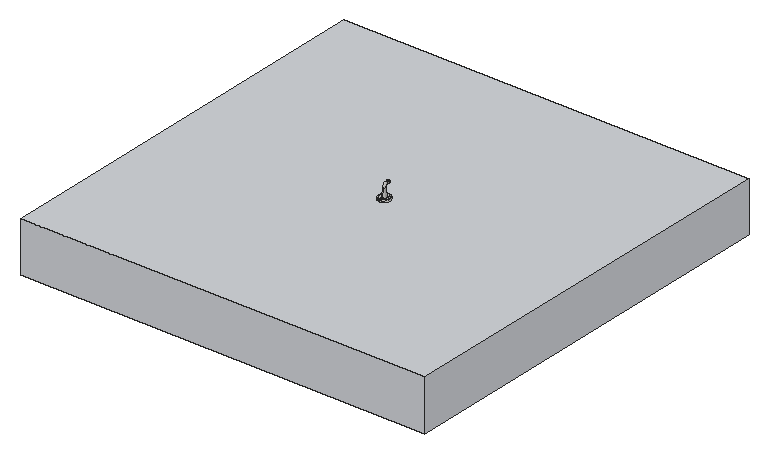
Revit family
Parameters (values of type "B-211")
  Width = 2 3/4"
  Warranty Information = "1 Year Limited Warranty"
  URL = "http://www.bobrick.com"
  Type Comments = ""
  Product Page URL = "http://www.bobrick.com/washroomaccessories/Pages/ProductDetails.aspx?Product+Number=B-211"
  Product Documentation Link = "http://www.bobrick.com/Documents/B-211_td.pdf"
  Price = "Prices may vary. Please consult Manufacturer Representative for most up-to-date price list."  # constant formula
  Phone Number = "416-250-5656"  # constant formula
  Omniclass Table 23 Title = "Robes Hooks"  # constant formula
  Omniclass Table 23 Code = "23.40.20.21.31"  # constant formula
  Model = "B-211"
  Material = Cast Brass-Bobrick-Chrome-Satin
  Manufacturer = "Bobrick"
  Length = 3 7/16"
  Installation Type = "Surface-Mounted"
  Height = 2 3/4"
  Description = "Bobrick Heavy-Duty Clothes Hook with Exposed Mounting"
  Default Elevation = 48"
  Creation Date = "09/16/2015"  # constant formula
  Created By = "Allied Technical Services"  # constant formula
  Assembly Code = "E2010"
  ATS URL = "http://www.atsspec.net"
Reference planes (in)
  plane 1 "Center (Front/Back)": y = 0
  plane 2: z = 0
  plane 3 "Center (Left/Right)": x = 0
  plane 4: z = 3.4375
  plane 5: y = 1.375
  plane 6: y = -1.375
  plane 7: x = -1.375
  plane 8: x = 1.375
Forms (in)
  Extrusion 1, solid
    sketch origin (0, 0, 0) x (1, 0, 0) y (0, 1, 0)
      loop
        line (-48, 48) -> (-48, -48) -> (48, -48) -> (48, 48) -> (-48, 48)
    from 0 to -12
  Revolve 2, solid, material "Cast Brass-Bobrick-Chrome-Satin" <- "Material"
    sketch origin (0, 0, 0) x (0, 1, 0) y (0, 0, 1)
      loop
        line (0, 0) -> (1.375, 0) -> (1.31194, 0.32443)
        arc (1.31194, 0.32443) -> (1.29034, 0.36073) -> (1.25059, 0.375) r 0.0625
        line (1.25059, 0.375) -> (0.48152, 0.375)
        arc (0.48152, 0.375) -> (0.43917, 0.39154) -> (0.41923, 0.4324) r 0.0625
        line (0.41923, 0.4324) -> (0.25, 2.5) -> (0, 2.5) -> (0, 0)
      axis (0, 2.5) -> (0, 0)
    angle from 0 to 360
  Revolve 3, solid, material "Cast Brass-Bobrick-Chrome-Satin" <- "Material"
    sketch origin (0, 0, 0) x (0, 1, 0) y (0, 0, 1)
      loop
        line (0.59751, 3.32389) -> (0.59751, 3.13639) -> (1.375, 3.13639)
        arc (1.375, 3.13639) -> (1.34624, 3.29693) -> (1.26352, 3.4375) r 0.46241
        line (1.26352, 3.4375) -> (1.20159, 3.4375)
        arc (1.20159, 3.4375) -> (1.13004, 3.35474) -> (1.02508, 3.32389) r 0.19392
        line (1.02508, 3.32389) -> (0.59751, 3.32389)
      axis (1.375, 3.13639) -> (0.59751, 3.13639)
    angle from 0 to 360
  SweptBlend 4, solid, material "Cast Brass-Bobrick-Chrome-Satin" <- "Material"
    path origin (0, 0, 0) x (0, 1, 0) y (0, 0, 1)
      loop
        spline (0.59751, 3.13639) -> (0.48898, 3.13034) -> (0.39329, 3.1128) -> (0.3098, 3.08464) -> (0.23785, 3.04676) -> (0.1768, 3.00004) -> (0.126, 2.94537) -> (0.08479, 2.88363) -> (0.05254, 2.81572) -> (0.02858, 2.74251) -> (0.01227, 2.6649) -> (0.00296, 2.58376) -> (0, 2.5)
    profile origin (0, 0.59751, 3.13639) x (0, 0, -1) y (1, 0, 0)
      loop
        circle (0, 0) r 0.1875
    end profile origin (0, 0, 2.5) x (1, 0, 0) y (0, 1, 0)
      loop
        circle (0, 0) r 0.25
  Extrusion 5, void
    sketch origin (0, 0, 0) x (1, 0, 0) y (0, 1, 0)
      loop
        circle (0, -0.75) r 0.125
      loop
        circle (-0.75, 0.5) r 0.125
      loop
        circle (-0.75, 0.5) r 0.15625
      loop
        circle (0, -0.75) r 0.15625
      loop
        circle (0.75, 0.5) r 0.125
      loop
        circle (0.75, 0.5) r 0.15625
    from 0.22704 to 0.40418
Cuts and joins
  Extrusion 5 cuts Revolve 3
  Extrusion 5 cuts SweptBlend 4
  Extrusion 5 cuts Revolve 2
Lines and regions (in)
  Masking region 1
    outline origin (0, 0, 0) x (0, 1, 0) y (0, 0, 1)
      loop
        line (1.375, 0) -> (1.31194, 0.32443)
        arc (1.31194, 0.32443) -> (1.29034, 0.36073) -> (1.25059, 0.375) r 0.0625
        line (1.25059, 0.375) -> (0.48208, 0.375)
        arc (0.48208, 0.375) -> (0.43973, 0.39153) -> (0.41979, 0.43238) r 0.0625
        line (0.41979, 0.43238) -> (0.24549, 2.55498)
        arc (0.24549, 2.55498) -> (0.33692, 2.82752) -> (0.59751, 2.94889) r 0.36426
        line (0.59751, 2.94889) -> (1.02473, 2.94889)
        arc (1.02473, 2.94889) -> (1.12983, 2.91803) -> (1.20159, 2.83527) r 0.19446
        line (1.20159, 2.83527) -> (1.26352, 2.83527)
        arc (1.26352, 2.83527) -> (1.37501, 3.13639) -> (1.26352, 3.4375) r 0.46239
        line (1.26352, 3.4375) -> (1.20159, 3.4375)
        arc (1.20159, 3.4375) -> (1.12983, 3.35474) -> (1.02473, 3.32389) r 0.19446
        line (1.02473, 3.32389) -> (0.59751, 3.32389)
        arc (0.59751, 3.32389) -> (0.36634, 3.30668) -> (0.14551, 3.23619) r 0.99011
        arc (0.14551, 3.23619) -> (-0.02052, 3.12058) -> (-0.13454, 2.95345) r 0.55907
        arc (-0.13454, 2.95345) -> (-0.21129, 2.73157) -> (-0.25, 2.5) r 1.40416
        line (-0.25, 2.5) -> (-0.41979, 0.43238)
        arc (-0.41979, 0.43238) -> (-0.43973, 0.39153) -> (-0.48208, 0.375) r 0.0625
        line (-0.48208, 0.375) -> (-1.25059, 0.375)
        arc (-1.25059, 0.375) -> (-1.29034, 0.36073) -> (-1.31194, 0.32443) r 0.0625
        line (-1.31194, 0.32443) -> (-1.375, 0) -> (1.375, 0)
  Masking region 2
    outline origin (0, 0, 0) x (1, 0, 0) y (0, 0, 1)
      loop
        line (1.375, 0) -> (1.31194, 0.32443)
        arc (1.31194, 0.32443) -> (1.29034, 0.36073) -> (1.25059, 0.375) r 0.0625
        line (1.25059, 0.375) -> (0.48022, 0.375)
        arc (0.48022, 0.375) -> (0.43786, 0.39155) -> (0.41793, 0.43244) r 0.0625
        line (0.41793, 0.43244) -> (0.21531, 2.92588)
        arc (0.21531, 2.92588) -> (0, 3.4375) -> (-0.21531, 2.92588) r 0.30111
        line (-0.21531, 2.92588) -> (-0.41793, 0.43244)
        arc (-0.41793, 0.43244) -> (-0.43786, 0.39155) -> (-0.48022, 0.375) r 0.0625
        line (-0.48022, 0.375) -> (-1.25059, 0.375)
        arc (-1.25059, 0.375) -> (-1.29034, 0.36073) -> (-1.31194, 0.32443) r 0.0625
        line (-1.31194, 0.32443) -> (-1.375, 0) -> (1.375, 0)
  Masking region 3
    outline origin (0, 0, 0) x (1, 0, 0) y (0, 1, 0)
      loop
        circle (0, 0) r 1.375
  symbolic lines, detail levels medium+fine
    curve 1: line (0, 0.5, 0.375) -> (0, -0.48208, 0.375)
    curve 2: line (0, 1.20159, 3.4375) -> (0, 1.20159, 2.83527)
    curve 3: line (0, 1.26352, 2.83527) -> (0, 1.26352, 3.4375)
    curve 4: line (0.48022, 0, 0.375) -> (-0.48022, 0, 0.375)
    curve 5: arc (0.21531, 0, 2.92588) -> (0, 0, 2.83527) -> (-0.21531, 0, 2.92588) r 0.30111
    curve 6: arc (0.22169, 0.11556, 0) -> (0, -0.25, 0) -> (-0.22169, 0.11556, 0) r 0.25
    curve 7: arc (-0.22169, 0.11556, 0) -> (-0.20087, 0.35627, 0) -> (-0.18744, 0.59751, 0) r 7.88643
    curve 8: line (-0.18744, 0.59751, 0) -> (-0.18744, 1.02593, 0)
    curve 9: arc (-0.18744, 1.02593, 0) -> (-0.21864, 1.13147, 0) -> (-0.3022, 1.20309, 0) r 0.19411
    curve 10: line (-0.3022, 1.20309, 0) -> (-0.3022, 1.26446, 0)
    curve 17: arc (0.22169, 0.11556, 0) -> (0.20087, 0.35627, 0) -> (0.18744, 0.59751, 0) r 7.88643
    curve 18: line (0.18744, 0.59751, 0) -> (0.18744, 1.02593, 0)
    curve 19: arc (0.18744, 1.02593, 0) -> (0.21864, 1.13147, 0) -> (0.3022, 1.20309, 0) r 0.19411
    curve 20: line (0.3022, 1.20309, 0) -> (0.3022, 1.26446, 0)
    curve 21: arc (-0.3022, 1.26446, 0) -> (0, 1.375, 0) -> (0.3022, 1.26446, 0) r 0.46837
  symbolic lines, detail levels fine
    curve 11: circle (-0.75, 0.5, 0) r 0.15625 normal (0, 0, 1)
    curve 12: circle (0.75, 0.5, 0) r 0.15625 normal (0, 0, 1)
    curve 13: circle (0.75, 0.5, 0) r 0.125 normal (0, 0, -1)
    curve 14: circle (-0.75, 0.5, 0) r 0.125 normal (0, 0, -1)
    curve 15: circle (0, -0.75, 0) r 0.15625 normal (0, 0, 1)
    curve 16: circle (0, -0.75, 0) r 0.125 normal (0, 0, -1)
    curve 22: line (-0.3022, 1.26446, 0) -> (0.3022, 1.26446, 0)
    curve 23: line (0.3022, 1.20309, 0) -> (-0.3022, 1.20309, 0)
    curve 24: arc (0.21081, 0.23069, 0) -> (0, -0.3125, 0) -> (-0.21081, 0.23069, 0) r 0.3125
Dimensions and locks (in)
  "Length": plane 4 to Extrusion 1
  "Height": plane 5 to plane 6
  "Width": plane 7 to plane 8
  aligned and locked: plane 2 to Extrusion 1
  aligned and locked: level to Extrusion 1
Automatic sketch dimensions
  curve 2 to plane 4 = 0"
  curve 3 to plane 4 = 0"
  plane 1 "Center (Front/Back)" to curve 1 = 0.48208"
  curve 1 to plane 1 "Center (Front/Back)" = 1/2"
  curve 2 to plane 5 = 0.17341"
  curve 2 to curve 3 = 0.06193"
  curve 3 to plane 4 = 0.60223"
  curve 2 to curve 3 = 0"
  level to curve 1 = 3/8"
  curve 5 to plane 3 "Center (Left/Right)" = 0"
  curve 5 to plane 3 "Center (Left/Right)" = 0.21531"
  curve 4 to plane 3 "Center (Left/Right)" = 0.48022"
  plane 3 "Center (Left/Right)" to curve 5 = 0.21531"
  plane 3 "Center (Left/Right)" to curve 4 = 0.48022"
  level to curve 4 = 3/8"
  curve 5 to plane 4 = 0.51162"
  curve 5 to curve 5 = 0.2105"
  Extrusion 1 sketch curve to Extrusion 1 sketch curve = 96"  (x2)
  Revolve 2 sketch curve to plane 1 "Center (Front/Back)" = 0"  (x2)
  Revolve 2 sketch curve to level = 0"
  Revolve 2 sketch curve to plane 5 = 0"
  Revolve 2 sketch curve to Revolve 2 sketch curve = 1/4"
  Revolve 2 sketch curve to plane 1 "Center (Front/Back)" = 0.41923"
  Revolve 2 sketch curve to Revolve 2 sketch curve = 0.06229"
  Revolve 2 sketch curve to plane 5 = 0.12441"
  Revolve 2 sketch curve to Revolve 2 sketch curve = 0.06135"
  Revolve 2 sketch curve to Revolve 2 sketch curve = 0.29463"
  level to Revolve 2 sketch curve = 5/16"
  Revolve 2 sketch curve to Revolve 2 sketch curve = 0.01193"
  Revolve 2 sketch curve to Revolve 2 sketch curve = 0.0574"
  Revolve 2 sketch curve to Revolve 2 sketch curve = 0.76472"
  Revolve 2 sketch curve to plane 4 = 15/16"
  Revolve 3 sketch curve to plane 4 = 0"
  Revolve 3 sketch curve to plane 5 = 0"
  Revolve 3 sketch curve to plane 5 = 0.11148"
  Revolve 3 sketch curve to Revolve 3 sketch curve = 0.06193"
  Revolve 3 sketch curve to plane 5 = 0.27749"
  Revolve 3 sketch curve to plane 4 = 0.11361"
  Revolve 3 sketch curve to Revolve 3 sketch curve = 0.07242"
  Revolve 3 sketch curve to Revolve 3 sketch curve = 0.15008"
  Revolve 3 sketch curve to Revolve 3 sketch curve = 0.03483"
  Revolve 3 sketch curve to Revolve 3 sketch curve = 0.31508"
  Revolve 3 sketch curve to Revolve 3 sketch curve = 0"
  SweptBlend 4 sketch curve to plane 1 "Center (Front/Back)" = 0"
  SweptBlend 4 sketch curve to plane 1 "Center (Front/Back)" = 0.59751"
  SweptBlend 4 sketch curve to plane 4 = 15/16"
  SweptBlend 4 sketch curve to plane 4 = 0.30111"
  SweptBlend 4 sketch curve to plane 3 "Center (Left/Right)" = 0"  (x2)
  SweptBlend 4 sketch curve to profile plane = 0"
  profile plane to SweptBlend 4 sketch curve = 0"
  Extrusion 5 sketch curve to Extrusion 5 sketch curve = 0"  (x6)
  Extrusion 5 sketch curve to plane 3 "Center (Left/Right)" = 0"
  Extrusion 5 sketch curve to plane 3 "Center (Left/Right)" = 3/4"
  plane 3 "Center (Left/Right)" to Extrusion 5 sketch curve = 3/4"
  Extrusion 5 sketch curve to plane 6 = 5/8"
  Extrusion 5 sketch curve to plane 1 "Center (Front/Back)" = 1/2"  (x2)
  Masking region 1 sketch curve to level = 0"
  Masking region 1 sketch curve to plane 6 = 0"
  Masking region 1 sketch curve to plane 4 = 0"
  Masking region 1 sketch curve to plane 5 = 0"
  Masking region 1 sketch curve to plane 6 = 0.06306"
  Masking region 1 sketch curve to Masking region 1 sketch curve = 0.06135"  (x2)
  plane 1 "Center (Front/Back)" to Masking region 1 sketch curve = 0.48208"
  Masking region 1 sketch curve to Masking region 1 sketch curve = 0.06229"  (x2)
  plane 1 "Center (Front/Back)" to Masking region 1 sketch curve = 1/4"
  plane 1 "Center (Front/Back)" to Masking region 1 sketch curve = 0.13454"
  Masking region 1 sketch curve to Masking region 1 sketch curve = 0"  (x2)
  Masking region 1 sketch curve to plane 1 "Center (Front/Back)" = 0.14551"
  Masking region 1 sketch curve to plane 1 "Center (Front/Back)" = 0.24549"
  Masking region 1 sketch curve to Masking region 1 sketch curve = 0.1312"
  Masking region 1 sketch curve to plane 1 "Center (Front/Back)" = 0.41979"
  Masking region 1 sketch curve to Masking region 1 sketch curve = 0.30944"
  Masking region 1 sketch curve to plane 4 = 0.11361"
  Masking region 1 sketch curve to Masking region 1 sketch curve = 0.452"
  Masking region 1 sketch curve to Masking region 1 sketch curve = 0.22082"
  Masking region 1 sketch curve to Masking region 1 sketch curve = 0.0536"
  Masking region 1 sketch curve to Masking region 1 sketch curve = 0.31511"
  plane 4 to Masking region 1 sketch curve = 0.08085"
  Masking region 1 sketch curve to plane 5 = 0.35027"
  Masking region 1 sketch curve to Masking region 1 sketch curve = 0.11211"
  Masking region 1 sketch curve to plane 5 = 0.22556"
  Masking region 1 sketch curve to plane 5 = 0.17341"
  Masking region 1 sketch curve to plane 5 = 0.12441"
  Masking region 1 sketch curve to Masking region 1 sketch curve = 0.06193"  (x2)
  level to Masking region 1 sketch curve = 5/16"  (x2)
  Masking region 1 sketch curve to Masking region 1 sketch curve = 0.01193"  (x2)
  Masking region 1 sketch curve to Masking region 1 sketch curve = 0.05738"  (x2)
  Masking region 1 sketch curve to Masking region 1 sketch curve = 0.98919"
  Masking region 1 sketch curve to Masking region 1 sketch curve = 0.17217"
  Masking region 1 sketch curve to Masking region 1 sketch curve = 0.25009"
  Masking region 1 sketch curve to Masking region 1 sketch curve = 0.19446"
  Masking region 2 sketch curve to level = 0"
  Masking region 2 sketch curve to plane 3 "Center (Left/Right)" = 0"
  Masking region 2 sketch curve to plane 3 "Center (Left/Right)" = 0.21531"
  Masking region 2 sketch curve to plane 3 "Center (Left/Right)" = 0.41793"
  Masking region 2 sketch curve to Masking region 2 sketch curve = 0.06229"  (x2)
  level to Masking region 2 sketch curve = 3/8"  (x2)
  Masking region 2 sketch curve to Masking region 2 sketch curve = 0.77036"  (x2)
  Masking region 2 sketch curve to Masking region 2 sketch curve = 0.06135"  (x2)
  Masking region 2 sketch curve to Masking region 2 sketch curve = 0.06306"  (x2)
  plane 3 "Center (Left/Right)" to Masking region 2 sketch curve = 0.21531"
  plane 3 "Center (Left/Right)" to Masking region 2 sketch curve = 0.41793"
  level to Masking region 2 sketch curve = 0.32443"
  Masking region 2 sketch curve to Masking region 2 sketch curve = 1/16"
  Masking region 2 sketch curve to Masking region 2 sketch curve = 0.05744"  (x2)
  Masking region 2 sketch curve to plane 4 = 0.51162"
  Masking region 2 sketch curve to Masking region 2 sketch curve = 0.2105"
  plane 1 "Center (Front/Back)" to Masking region 3 sketch curve = 0"
  Masking region 3 sketch curve to plane 3 "Center (Left/Right)" = 0"
  curve 6 to curve 24 = 0"  (x2)
  curve 11 to curve 14 = 0"  (x2)
  curve 12 to curve 13 = 0"  (x2)
  curve 15 to curve 16 = 0"  (x2)
  plane 1 "Center (Front/Back)" to curve 24 = 0"
  curve 24 to plane 3 "Center (Left/Right)" = 0"
  curve 15 to plane 3 "Center (Left/Right)" = 0"
  curve 21 to plane 3 "Center (Left/Right)" = 0"
  curve 8 to plane 3 "Center (Left/Right)" = 0.18744"
  curve 24 to plane 3 "Center (Left/Right)" = 0.21081"
  curve 7 to curve 24 = 0.01088"
  curve 23 to curve 9 = 0.11476"
  curve 9 to curve 9 = 0.19411"
  curve 7 to plane 5 = 0.45969"
  curve 7 to plane 7 = 6.69246"
  plane 3 "Center (Left/Right)" to curve 18 = 0.18744"
  plane 3 "Center (Left/Right)" to curve 24 = 0.21081"
  curve 24 to curve 6 = 0.01088"
  curve 18 to curve 19 = 0.19411"
  curve 17 to plane 5 = 0.45969"
  curve 15 to plane 6 = 5/8"
  curve 7 to plane 1 "Center (Front/Back)" = 0.11556"
  curve 12 to plane 1 "Center (Front/Back)" = 1/2"
  curve 7 to curve 21 = 0.30913"
  curve 21 to curve 8 = 0.1193"
  curve 20 to curve 21 = 0.06138"
  curve 14 to curve 7 = 0.56256"
  curve 11 to plane 1 "Center (Front/Back)" = 1/2"
  curve 17 to curve 13 = 0.56256"
  radius of SweptBlend 4 sketch curve = 3/16"
  radius of SweptBlend 4 sketch curve = 1/4"
  radius of Extrusion 5 sketch curve = 1/8"  (x3)
  radius of Extrusion 5 sketch curve = 5/32"  (x3)
  radius of Masking region 3 sketch curve = 1 3/8"
  radius of curve 14 = 1/8"
  radius of curve 11 = 5/32"
  radius of curve 13 = 1/8"
  radius of curve 12 = 5/32"
  radius of curve 16 = 1/8"
  radius of curve 15 = 5/32"
